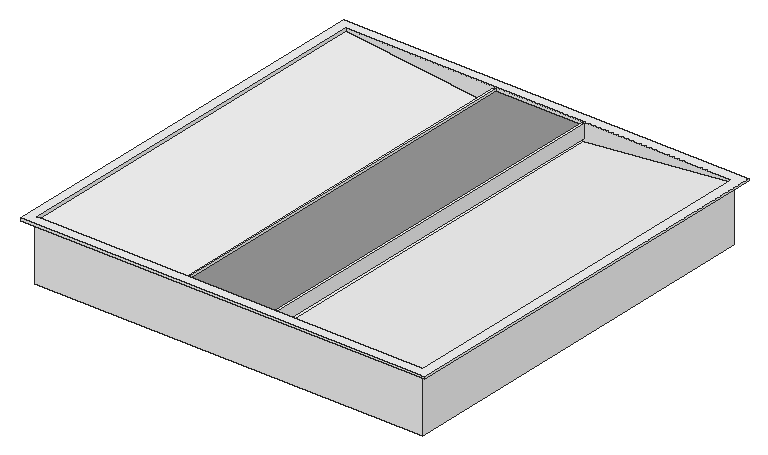
Revit family "2069259 Sylvania Lighting Fixture OFFICELYTE 600 HO 4K SSH01", category Lighting Fixtures, host Face, Revit 2017
Family settings
  Host = Face
  Round Connector Dimension = Use Diameter
  Part Type = Normal
  OmniClass Number = 23.80.70.11.17
  OmniClass Title = Specialized Lighting by Location or Use
  Cut with Voids When Loaded = No
  Light Source = Yes
  Shared = No
  Room Calculation Point = No
Parameters (values of type "2069259 OFFICELYTE 600 HO 4K SSH01")
  Width_SYL = 595.0 mm
  Weight = "6.1 kg"
  Wattage = 33 W
  WarrantyStartDate [instance] = "n/a"
  WarrantyGuarantorParts = "n/a"
  WarrantyDurationUnit = "n/a"
  WarrantyDurationParts = "n/a"
  WarrantyDescription = "n/a"
  built-in parameter 1150110 = 1 (stored number, unit not read)
  Voltage = 230 V
  URL = "http://www.sylvania-lighting.com"
  TypeName = "OFFICELYTE 600 HO 4K SSH01"
  built-in parameter 1114217 = 1 (stored number, unit not read)
  Tilt Angle = -90.00°
  built-in parameter 1150109 = 1 (stored number, unit not read)
  built-in parameter 1150134 = 12
  built-in parameter 1150113 = 1 (stored number, unit not read)
  SerialNumber [instance] = "n/a"
  PowerFactor = 0.96
  PowerConsumption = "33 W"
  Photometric Web File = "2069259.ies"
  NominalWidth = 0.0 mm
  NominalLength = 595.0 mm
  NominalHeight = 87.0 mm
  Name = "OFFICELYTE 600 HO 4K SSH01"
  ModelReference = "OFFICELYTE 600 HO 4K SSH01"
  ModelNumber = "2069259"
  Material = "zintec housing, acrylic diffuser"
  ManufacturerName = "Feilo Sylvania"
  LuminousEfficacy = "138 lm/W"
  LuminaireType = ""
  LightOutputRatio = "100"
  Length_SYL = Width_SYL  # 595.0 mm
  LampsType = Lamp  # "LED"
  LampNominalLuminous = "4570 lm"
  LampMacAdamStep = "3"
  LampColourTemperature = "4000 K"
  LampColourRenderingIndex = "80"
  Keynote = "16500"
  InstallationDate [instance] = "n/a"
  InputVoltage = "230-240V~"
  InputNominalFrequency = "50/60 Hz"
  IngressProtection = "IP20"
  ImpactProtectionIndex = "IK02"
  IfcExportType = "IfcLightFixtureType"
  IfcExportAs = "IfcLightFixtureType"
  Height_SYL = 84.0 mm
  ExpectedLife = 50000
  ElectricShockClassification = "Class II"
  DurationUnit = "hours"
  DocumentationLiterature = "http://www.sylvania-lighting.com/product/en-int/products/2069259"
  DimmingControlOptions = "n/a"
  Material_2_SYL = Acrylic_Sylvania_Officelyte LP LED_Satin_4000K
  CreatedOn = "8/23/2018"
  CreatedBy = ""
  built-in parameter 1114216 [instance] = 1 (stored number, unit not read)
  Model = "OFFICELYTE 600 HO 4K SSH01"
  Manufacturer = "Havells-Sylvania Group"  # constant formula
  built-in parameter 1150105 = 362.4 (stored number, unit not read)
  Lumens = 4554 lm
  built-in parameter 1150115 = 1 (stored number, unit not read)
  built-in parameter 1150137 = (empty or 0)
  built-in parameter 1150139 = (empty or 0)
  built-in parameter 1150112 = 1 (stored number, unit not read)
  built-in parameter 1150114 = 1 (stored number, unit not read)
  Lamp = "LED"
  built-in parameter 1150132 = 2
  built-in parameter 1150102 = (empty or 0)
  built-in parameter 1150107 = 4000 (stored number, unit not read)
  built-in parameter 1150138 = (empty or 0)
  built-in parameter 1150106 = 3.624 (stored number, unit not read)
  Material_3_SYL = Steel_Sylvania_Officelyte LP LED_White_RAL 9016
  Emit from Rectangle Width = Width_SYL - 31.0 mm  # 564.0 mm
  Emit from Rectangle Length = Length_SYL - 31.0 mm  # 564.0 mm
  Emit Shape Visible in Rendering = no
  built-in parameter 1150104 = 12.821 (stored number, unit not read)
  Dimming Lamp Color Temperature Shift = <None>
  Material_1_SYL = Steel_Sylvania_Officelyte LP LED_White_RAL 9016
  Description = "The Concord OFFICELYTE LP LED HO 4K 600 is a high efficient luminaire for Office, education, meeting rooms. With efficacy of 95lm/W, at 4549lm, CRI of 85 and a very low glare ratio according to EN12464."  # constant formula
  Default Elevation = 0.0 mm
  Color Filter = 16777215
  built-in parameter 1140040 [instance] = 1
  BarCode [instance] = "n/a"
  built-in parameter 1114218 = 1 (stored number, unit not read)
  built-in parameter 1150133 = 10 (stored number, unit not read)
  AssetType = "Fixed"
  AssetIdentifier [instance] = "n/a"
  Assembly Code = "D5020200"
  Apparent Load = 33 VA
Reference planes
  plane 1 "Center (Front/Back)": y = 0
  plane 2: z = 0
  plane 3 "Center (Left/Right)": x = 0
  plane 4 "Fixture Bottom": z = 3
  plane 5 "Fixture Right": x = 297.5
  plane 6 "Profile Right": x = 284
  plane 7 "Profile Left": x = -284
  plane 8 "Fixture Left": x = -297.5
  plane 9 "Profile Back": y = 284
  plane 10 "Fixture Back": y = 297.5
  plane 11 "Fixture Front": y = -297.5
  plane 12: z = -25
  plane 13 "Box Right": x = 286
  plane 14 "Box Left": x = -286
  plane 15 "Box Back": y = 286
  plane 16 "Box Front": y = -286
  plane 17: x = 66.5
  plane 18: x = -66.5
  plane 19 "Difuser Right": x = 63.5
  plane 20 "Difuser Left": x = -63.5
  plane 21: z = -2
  plane 22: z = -4
  plane 23 "Profile Front": y = -284
  plane 24 "Fixture Top": z = -84
  plane 25 "Box Thickness": z = -82
  plane 26: z = -20
Forms (mm)
  Extrusion 1, void
    sketch origin (0, 0, 59) x (-1, 0, 0) y (0, -1, 0)
      loop
        line (-286, -286) -> (286, -286) -> (286, 286) -> (-286, 286) -> (-286, -286)
    from -141 to -56
  Extrusion 2, solid, material "Steel_Sylvania_Officelyte LP LED_White_RAL 9016" <- "Material_3_SYL", detail levels fine
    sketch origin (20, 0, 59) x (-1, 0, 0) y (0, -1, 0)
      loop
        line (-277.5, -297.5) -> (317.5, -297.5) -> (317.5, 297.5) -> (-277.5, 297.5) -> (-277.5, -297.5)
      loop
        line (304, -284) -> (304, 284) -> (-264, 284) -> (-264, -284) -> (304, -284)
    from -59 to -56
  Extrusion 3, solid, material "Steel_Sylvania_Officelyte LP LED_White_RAL 9016" <- "Material_3_SYL", detail levels fine
    sketch origin (0, 0, 0) x (1, 0, 0) y (0, 0, 1)
      loop
        arc (-65.868, -23.244) -> (-175.523, -17.552) -> (-284, -0.537) r 1059.086
        line (-284, -0.537) -> (-284, -2.581)
        arc (-284, -2.581) -> (-175.521, -19.563) -> (-65.868, -25.244) r 1061.086
        line (-65.868, -25.244) -> (65.87, -25.244)
        arc (65.87, -25.244) -> (175.522, -19.563) -> (284, -2.581) r 1061.094
        line (284, -2.581) -> (284, -0.538)
        arc (284, -0.538) -> (175.524, -17.552) -> (65.87, -23.244) r 1059.094
        line (65.87, -23.244) -> (-65.868, -23.244)
    from -284 to 284
  Extrusion 4, solid, material "Steel_Sylvania_Officelyte LP LED_White_RAL 9016" <- "Material_3_SYL", detail levels fine
    sketch origin (0, 0, 59) x (-1, 0, 0) y (0, -1, 0)
      loop
        line (284, -284) -> (284, 284) -> (-284, 284) -> (-284, -284) -> (284, -284)
      loop
        line (286, -286) -> (286, 286) -> (-286, 286) -> (-286, -286) -> (286, -286)
    from -141 to -59
  Extrusion 5, solid, material "Steel_Sylvania_Officelyte LP LED_White_RAL 9016" <- "Material_3_SYL", detail levels fine
    sketch origin (0, 0, 59) x (-1, 0, 0) y (0, -1, 0)
      loop
        line (66.5, -284) -> (66.5, 284) -> (63.5, 284) -> (63.5, -284) -> (66.5, -284)
      loop
        line (-66.5, 284) -> (-66.5, -284) -> (-63.5, -284) -> (-63.5, 284) -> (-66.5, 284)
    from -79 to -59
  Extrusion 6, solid, material "Acrylic_Sylvania_Officelyte LP LED_Satin_4000K" <- "Material_2_SYL", detail levels fine
    sketch origin (0, 0, -581) x (-1, 0, 0) y (0, -1, 0)
      loop
        line (-63.5, -284) -> (63.5, -284) -> (63.5, 284) -> (-63.5, 284) -> (-63.5, -284)
    from 577 to 579
  Extrusion 7, solid, material "Steel_Sylvania_Officelyte LP LED_White_RAL 9016" <- "Material_1_SYL", detail levels coarse+medium
    sketch origin (0, 0, 59) x (-1, 0, 0) y (0, -1, 0)
      loop
        line (297.5, -297.5) -> (297.5, 297.5) -> (-297.5, 297.5) -> (-297.5, -297.5) -> (297.5, -297.5)
    from -59 to -56
  Extrusion 8, solid, material "Steel_Sylvania_Officelyte LP LED_White_RAL 9016" <- "Material_1_SYL", detail levels coarse+medium
    sketch origin (0, 0, -501) x (-1, 0, 0) y (0, -1, 0)
      loop
        line (286, -286) -> (286, 286) -> (-286, 286) -> (-286, -286) -> (286, -286)
    from 417 to 501
  Extrusion 9, solid, material "Steel_Sylvania_Officelyte LP LED_White_RAL 9016" <- "Material_3_SYL", detail levels fine
    sketch origin (0, 0, 59) x (-1, 0, 0) y (0, -1, 0)
      loop
        line (-286, -286) -> (286, -286) -> (286, 286) -> (-286, 286) -> (-286, -286)
    from -143 to -141
Cuts and joins
  joined: Extrusion 2, Extrusion 4, Extrusion 9
  joined: Extrusion 3, Extrusion 5
Lines and regions (mm)
  symbolic lines
    curve 1: line (-297.5, 297.5, 59) -> (297.5, 297.5, 59)
    curve 2: line (-297.5, -297.5, 59) -> (-297.5, 297.5, 59)
    curve 3: line (297.5, -297.5, 59) -> (-297.5, -297.5, 59)
    curve 4: line (297.5, 297.5, 59) -> (297.5, -297.5, 59)
Dimensions and locks
  "Height_SYL": host face to plane 24 "Fixture Top"
  locked: plane 25 "Box Thickness" to plane 24 "Fixture Top" at 2
  "Width_SYL": plane 10 "Fixture Back" to plane 11 "Fixture Front"
  "Length_SYL": plane 8 "Fixture Left" to plane 5 "Fixture Right"
  equal spacing: plane 10 "Fixture Back", plane 1 "Center (Front/Back)", plane 11 "Fixture Front"
  equal spacing: plane 8 "Fixture Left", plane 3 "Center (Left/Right)", plane 5 "Fixture Right"
  locked: plane 18 to plane 20 "Difuser Left" at 3
  locked: plane 19 "Difuser Right" to plane 17 at 3
  plane 8 "Fixture Left" to plane 14 "Box Left" to plane 7 "Profile Left" = 11.5 mm locked, 2.0 mm locked
  plane 10 "Fixture Back" to plane 15 "Box Back" to plane 9 "Profile Back" = 11.5 mm locked, 2.0 mm locked
  plane 6 "Profile Right" to plane 13 "Box Right" to plane 5 "Fixture Right" = 2.0 mm locked, 11.5 mm locked
  plane 23 "Profile Front" to plane 16 "Box Front" to plane 11 "Fixture Front" = 2.0 mm locked, 11.5 mm locked
  plane 4 "Fixture Bottom" to plane 2 to plane 21 to plane 22 to plane 12 = 3.0 mm locked, 2.0 mm locked, 2.0 mm locked, 21.0 mm locked
  aligned and locked: plane 2 to host face
  aligned and locked: level to host face
  aligned and locked: plane 1 "Center (Front/Back)" to imposter light
  aligned and locked: plane 10 "Fixture Back" to Extrusion 2
  aligned and locked: plane 8 "Fixture Left" to Extrusion 2
  aligned and locked: Extrusion 2 to plane 7 "Profile Left"
  aligned and locked: Extrusion 2 to plane 5 "Fixture Right"
  aligned and locked: plane 6 "Profile Right" to Extrusion 2
  aligned and locked: Extrusion 2 to plane 11 "Fixture Front"
  aligned and locked: plane 4 "Fixture Bottom" to Extrusion 2
  aligned and locked: plane 18 to Extrusion 5 sketch curve
  aligned and locked: Extrusion 5 sketch curve to plane 17
  aligned and locked: plane 19 "Difuser Right" to Extrusion 5 sketch curve
  aligned and locked: Extrusion 5 sketch curve to plane 20 "Difuser Left"
  aligned and locked: plane 19 "Difuser Right" to Extrusion 6 sketch curve
  aligned and locked: Extrusion 6 sketch curve to plane 20 "Difuser Left"
  aligned and locked: plane 21 to Extrusion 6
  aligned and locked: Extrusion 6 to plane 22
  aligned and locked: Extrusion 7 sketch curve to plane 10 "Fixture Back"
  aligned and locked: plane 5 "Fixture Right" to Extrusion 7 sketch curve
  aligned and locked: plane 11 "Fixture Front" to Extrusion 7 sketch curve
  aligned and locked: Extrusion 7 sketch curve to plane 8 "Fixture Left"
  aligned and locked: plane 4 "Fixture Bottom" to Extrusion 7
  aligned and locked: Extrusion 8 to plane 24 "Fixture Top"
  aligned and locked: level to Extrusion 8
  aligned and locked: plane 5 "Fixture Right" to curve 4
  aligned and locked: curve 1 to plane 10 "Fixture Back"
  aligned and locked: curve 2 to plane 8 "Fixture Left"
  aligned and locked: plane 11 "Fixture Front" to curve 3
  aligned and locked: plane 9 "Profile Back" to Extrusion 4
  aligned and locked: Extrusion 4 sketch curve to plane 9 "Profile Back"
  aligned and locked: Extrusion 4 to Extrusion 1
  aligned and locked: imposter light to Extrusion 1
  aligned and locked: Extrusion 9 to plane 24 "Fixture Top"
  aligned and locked: plane 25 "Box Thickness" to Extrusion 9
  aligned and locked: cut or joined group of Extrusion 2, Extrusion 4, Extrusion 9 to plane 25 "Box Thickness"
  aligned and locked: Extrusion 4 sketch curve to plane 13 "Box Right"
  aligned and locked: plane 15 "Box Back" to Extrusion 4 sketch curve
  aligned and locked: Extrusion 4 sketch curve to plane 14 "Box Left"
  aligned and locked: plane 16 "Box Front" to Extrusion 4 sketch curve
  aligned and locked: Extrusion 9 sketch curve to plane 16 "Box Front"
  aligned and locked: plane 13 "Box Right" to Extrusion 9 sketch curve
  aligned and locked: Extrusion 9 sketch curve to plane 15 "Box Back"
  aligned and locked: Extrusion 9 sketch curve to plane 14 "Box Left"
  aligned and locked: plane 7 "Profile Left" to cut or joined group of Extrusion 3, Extrusion 5
  aligned and locked: cut or joined group of Extrusion 3, Extrusion 5 to plane 6 "Profile Right"
  aligned and locked: plane 9 "Profile Back" to cut or joined group of Extrusion 3, Extrusion 5
  aligned and locked: cut or joined group of Extrusion 3, Extrusion 5 to plane 23 "Profile Front"
  aligned and locked: plane 23 "Profile Front" to Extrusion 5 sketch curve
  aligned and locked: Extrusion 5 sketch curve to plane 9 "Profile Back"
  aligned and locked: Extrusion 8 sketch curve to plane 13 "Box Right"
  aligned and locked: plane 15 "Box Back" to Extrusion 8 sketch curve
  aligned and locked: plane 16 "Box Front" to Extrusion 8 sketch curve
  aligned and locked: plane 14 "Box Left" to Extrusion 8 sketch curve
  aligned and locked: Extrusion 1 sketch curve to Extrusion 8  (x4)
  aligned and locked: Extrusion 6 sketch curve to plane 23 "Profile Front"
  aligned and locked: plane 9 "Profile Back" to Extrusion 6 sketch curve
  aligned and locked: cut or joined group of Extrusion 3, Extrusion 5 to plane 26
  aligned and locked: plane 4 "Fixture Bottom" to imposter light
Automatic sketch dimensions
  host sketch curve to host sketch curve = 1305.563 mm
  host sketch curve to host sketch curve = 1414.187 mm
  Extrusion 2 sketch curve to plane 5 "Fixture Right" = 0.0 mm
  Extrusion 2 sketch curve to plane 6 "Profile Right" = 0.0 mm
  Extrusion 2 sketch curve to plane 7 "Profile Left" = 0.0 mm
  Extrusion 2 sketch curve to plane 8 "Fixture Left" = 0.0 mm
  Extrusion 2 sketch curve to plane 10 "Fixture Back" = 0.0 mm
  plane 9 "Profile Back" to Extrusion 2 sketch curve = 0.0 mm
  Extrusion 2 sketch curve to plane 23 "Profile Front" = 0.0 mm
  Extrusion 2 sketch curve to plane 11 "Fixture Front" = 0.0 mm
  Extrusion 3 sketch curve to Extrusion 3 sketch curve = 0.0 mm  (x2)
  Extrusion 3 sketch curve to Extrusion 3 sketch curve = 0.001 mm  (x2)
  Extrusion 3 sketch curve to level = 0.537 mm
  plane 14 "Box Left" to Extrusion 3 sketch curve = 2.0 mm
  Extrusion 3 sketch curve to plane 12 = 0.244 mm
  plane 18 to Extrusion 3 sketch curve = 0.632 mm
  Extrusion 3 sketch curve to plane 17 = 0.63 mm
  Extrusion 3 sketch curve to level = 0.538 mm
  Extrusion 3 sketch curve to plane 13 "Box Right" = 2.0 mm
  Extrusion 3 sketch curve to level = 23.244 mm
  Extrusion 4 sketch curve to plane 6 "Profile Right" = 0.0 mm
  Extrusion 4 sketch curve to plane 7 "Profile Left" = 0.0 mm
  Extrusion 4 sketch curve to plane 23 "Profile Front" = 0.0 mm
  Extrusion 5 sketch curve to plane 9 "Profile Back" = 0.0 mm
  Extrusion 5 sketch curve to plane 23 "Profile Front" = 0.0 mm
Connectors
  electrical at (0, 0, -84), driven by "Apparent Load"
    settings: on Extrusion 8, index 1, voltage 230 V, apparent load 0 VA, apparent load phase1 33 VA, apparent load phase2 0 VA, apparent load phase3 0 VA, power factor 1, load classification "Lighting", number of poles 1, system type 31, power factor state 1, is connector primary yes, connector utility no, sub classification motor no, connector description ""
